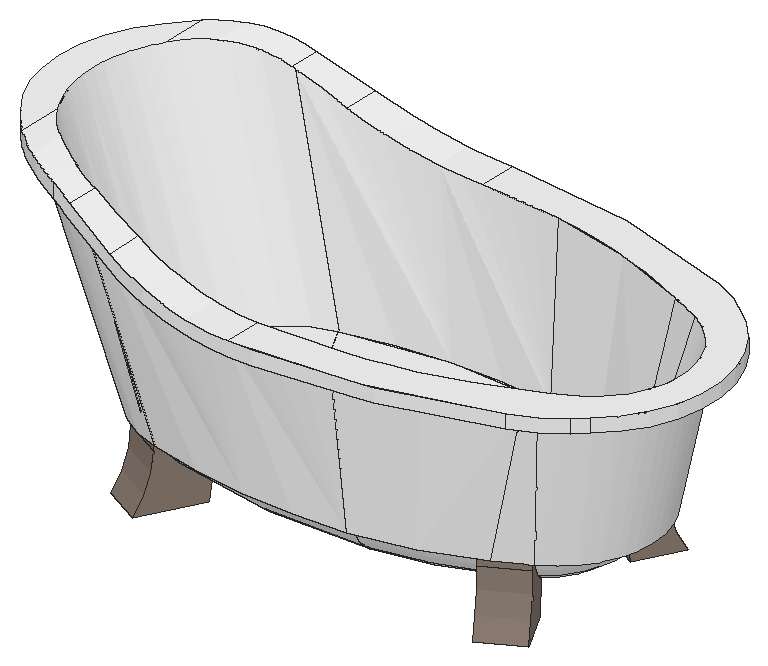
Revit family "xBathtub-Freestanding-DXV-Oak_Hill-D12025014.239", category Plumbing Fixtures, Revit 2014
Parameters (values of type "D12025014.239")
  Width = 36"
  Waste Connection Radius = 1 1/16"
  Waste Connection Diameter = Waste Connection Radius * 2  # 2 1/8"
  Waste Connection = yes
  Warranty Documentation Link = "https://www.dxv.com/-/media/files/dxv/warranty/dxv_warranty_booklet.ashx"
  WFU = 4
  Vent Connection = no
  URL = "http://www.dxv.com/"
  Product Page URL = "https://www.dxv.com/product/oak-hill-freestanding-soaking-tub-with-feet"
  Product Documentation Link = "https://dxv01.blob.core.windows.net/dxv-product-pdf-files/spec_D12025014_DXV_OakHill_freestand_tub_feet_EN.pdf"
  Price = "Prices may vary. Please consult Manufacturer Representative for most up-to-date price list."  # constant formula
  Model = "D12025014.239"
  Material = "Acrylic-DXV-415-Canvas White"
  Manufacturer = "DXV"
  Length = 66"
  Installation Type = "Freestanding"
  Height = 29 3/4"
  HWFU = 3
  HW Connection = yes
  Description = "Oak Hill Freestanding Soaking Tub With Feet"
  Default Elevation = 0"
  Creation Date = "12/28/2015"
  CWFU = 3
  CW Connection = yes
  Assembly Code = "D2010510"
Reference planes (in)
  plane 1 "Center (Front/Back)": y = 0
  plane 2: z = 0
  plane 3 "Center (Left/Right)": x = 0
  plane 4: z = 29.75
  plane 5: x = -33
  plane 6: x = 33
  plane 7: x = -29.75
  plane 8: x = 29.875
  plane 9: x = 16
  plane 10: x = -22
  plane 11: x = 24.4375
  plane 12: y = 9.78125
  plane 13: y = -9.78125
  plane 14: x = -21.25
  plane 15: x = 25.1875
  plane 16: y = 9.78125
  plane 17: y = -9.78125
  plane 18: y = 0
  plane 19: y = -13.5
  plane 20: y = 8.42494
  plane 21: y = -8.42494
  plane 22: x = -23.11933
  plane 23: x = 26.52271
  plane 24: z = 22.75
  plane 25: z = 20.125
  plane 26: y = -1.1875
  plane 27: y = 1.1875
  plane 28: z = 3
  plane 29: z = 6.5
  plane 30: y = 18
  plane 31: y = -18
Forms (in)
  Extrusion 1, void
    sketch origin (16, 0, 0) x (1, 0, 0) y (0, 1, 0)
      loop
        circle (0, 0) r 1.0625
    from -0.59685 to 9.77213
  Extrusion 2, void
    sketch origin (16.15685, 0, 0.00365) x (1, 0, 0) y (0, 1, 0)
      loop
        circle (-0.15685, 0) r 1.0625
    from -31.96802 to 24.98642
  Blend 3, void
    base sketch origin (0, 0, 0.00365) x (1, 0, 0) y (0, 1, 0)
      loop
        arc (-13.49575, 10.95051) -> (-22.02558, 0) -> (-13.49575, -10.95051) r 11.29399
        arc (-13.49575, -10.95051) -> (-3.42819, -12.54432) -> (6.76194, -12.3049) r 56.54746
        arc (6.76194, -12.3049) -> (12.62761, -11.08394) -> (18.17324, -8.81612) r 32.79183
        line (18.17324, -8.81612) -> (19.50719, -8.12221)
        arc (19.50719, -8.12221) -> (24.4375, 0) -> (19.50719, 8.12221) r 9.15543
        line (19.50719, 8.12221) -> (18.17324, 8.81612)
        arc (18.17324, 8.81612) -> (12.62761, 11.08394) -> (6.76194, 12.3049) r 32.79183
        arc (6.76194, 12.3049) -> (-3.42819, 12.54432) -> (-13.49575, 10.95051) r 56.54746
    top sketch origin (0, 0, 0.00365) x (1, 0, 0) y (0, 1, 0)
      loop
        arc (-19.85891, 12.69809) -> (-29.75, 0) -> (-19.85891, -12.69809) r 13.09639
        arc (-19.85891, -12.69809) -> (-6.93233, -14.74452) -> (6.15163, -14.43711) r 72.60602
        arc (6.15163, -14.43711) -> (14.87464, -12.76084) -> (23.24261, -9.78125) r 58.40947
        line (23.24261, -9.78125) -> (27.09351, -8.06992)
        arc (27.09351, -8.06992) -> (32.33817, 0) -> (27.09351, 8.06992) r 8.8309
        line (27.09351, 8.06992) -> (23.24261, 9.78125)
        arc (23.24261, 9.78125) -> (14.87464, 12.76084) -> (6.15163, 14.43711) r 58.40947
        arc (6.15163, 14.43711) -> (-6.93233, 14.74452) -> (-19.85891, 12.69809) r 72.60602
    from 6.70381 to 30.13756
  Blend 4, solid, material "Acrylic-DXV-415-Canvas White"
    base sketch origin (0.75, 0, 0.00365) x (1, 0, 0) y (0, 1, 0)
      loop
        arc (-14.32725, 12.2686) -> (-23.8838, 0) -> (-14.32725, -12.2686) r 12.65343
        arc (-14.32725, -12.2686) -> (-4.10948, -13.88619) -> (6.2327, -13.6432) r 57.39121
        arc (6.2327, -13.6432) -> (12.2493, -12.39082) -> (17.93762, -10.06465) r 33.63558
        line (17.93762, -10.06465) -> (21.02704, -8.45755)
        arc (21.02704, -8.45755) -> (26.16091, 0) -> (21.02704, 8.45755) r 9.53343
        line (21.02704, 8.45755) -> (17.93762, 10.06465)
        arc (17.93762, 10.06465) -> (12.2493, 12.39082) -> (6.2327, 13.6432) r 33.63558
        arc (6.2327, 13.6432) -> (-4.10948, 13.88619) -> (-14.32725, 12.2686) r 57.39121
    top sketch origin (0.75, 0, 0.00365) x (1, 0, 0) y (0, 1, 0)
      loop
        arc (-20.89692, 14.33427) -> (-32.0625, 0) -> (-20.89692, -14.33427) r 14.78389
        arc (-20.89692, -14.33427) -> (-7.6699, -16.42826) -> (5.71816, -16.1137) r 74.29352
        arc (5.71816, -16.1137) -> (14.69318, -14.38901) -> (23.3029, -11.32333) r 60.09697
        line (23.3029, -11.32333) -> (23.68904, -11.15174)
        arc (23.68904, -11.15174) -> (30.93657, 0) -> (23.68904, 11.15174) r 12.20332
        line (23.68904, 11.15174) -> (23.3029, 11.32333)
        arc (23.3029, 11.32333) -> (14.69318, 14.38901) -> (5.71816, 16.1137) r 60.09697
        arc (5.71816, 16.1137) -> (-7.6699, 16.42826) -> (-20.89692, 14.33427) r 74.29352
    from 6.49635 to 28.37135
  Extrusion 5, solid, material "Acrylic-DXV-415-Canvas White"
    sketch origin (0, 0, 0.00365) x (1, 0, 0) y (0, 0, 1)
      loop
        line (-33, 29.74635) -> (-33, 28.37135) -> (-27.68477, 28.37135)
        arc (-27.68477, 28.37135) -> (-23.78885, 27.94468) -> (-20.07764, 26.68489) r 18
        line (-20.07764, 26.68489) -> (-15.11227, 24.3695)
        arc (-15.11227, 24.3695) -> (-8.51455, 22.12988) -> (-1.58849, 21.37135) r 32
        line (-1.58849, 21.37135) -> (33, 21.37135) -> (33, 22.74635) -> (-1.58849, 22.74635)
        arc (-1.58849, 22.74635) -> (-8.21695, 23.47229) -> (-14.53117, 25.61568) r 30.625
        line (-14.53117, 25.61568) -> (-19.49654, 27.93107)
        arc (-19.49654, 27.93107) -> (-23.49125, 29.28709) -> (-27.68477, 29.74635) r 19.375
        line (-27.68477, 29.74635) -> (-33, 29.74635)
    from -20.52378 to 20.62754
  Extrusion 6, void
    sketch origin (0, 0, 0.00365) x (1, 0, 0) y (0, 1, 0)
      loop
        arc (-29.75, 9.03125) -> (-33, 0) -> (-29.75, -9.03125) r 14.17323
        line (-29.75, -9.03125) -> (-28.73847, -10.25468)
        arc (-28.73847, -10.25468) -> (-25.50118, -13.17562) -> (-21.56061, -15.0421) r 15
        arc (-21.56061, -15.0421) -> (0.81107, -17.97585) -> (22.91636, -13.45317) r 68.23289
        arc (22.91636, -13.45317) -> (25.22238, -12.32917) -> (27.30315, -10.82867) r 15
        line (27.30315, -10.82867) -> (28.50569, -9.79425)
        arc (28.50569, -9.79425) -> (33, 0) -> (28.50569, 9.79425) r 12.91925
        line (28.50569, 9.79425) -> (27.30315, 10.82867)
        arc (27.30315, 10.82867) -> (25.22238, 12.32917) -> (22.91636, 13.45317) r 15
        arc (22.91636, 13.45317) -> (0.81107, 17.97585) -> (-21.56061, 15.0421) r 68.23289
        arc (-21.56061, 15.0421) -> (-25.50118, 13.17562) -> (-28.73847, 10.25468) r 15
        line (-28.73847, 10.25468) -> (-29.75, 9.03125)
      loop
        line (-39.54137, 22.50847) -> (-39.54137, -23.49153) -> (36.45863, -23.49153) -> (36.45863, 22.50847) -> (-39.54137, 22.50847)
    from 0 to 38.08913
  Extrusion 7, void
    sketch origin (0, 0, 0.00365) x (1, 0, 0) y (0, 0, 1)
      loop
        line (33, 21.74635) -> (33, 35.74635) -> (-33, 35.74635) -> (-33, 28.74635) -> (-27.68477, 28.74635)
        arc (-27.68477, 28.74635) -> (-23.70769, 28.31079) -> (-19.91916, 27.02476) r 18.375
        line (-19.91916, 27.02476) -> (-14.95379, 24.70937)
        arc (-14.95379, 24.70937) -> (-8.43339, 22.49599) -> (-1.58849, 21.74635) r 31.625
        line (-1.58849, 21.74635) -> (33, 21.74635)
    from -22.50847 to 24.89963
  Sweep 8, solid, material "Acrylic-DXV-415-Canvas White"
    path origin (0, 0, 0.00365) x (1, 0, 0) y (0, 1, 0)
      loop
        arc (19.88219, -8.12221) -> (24.8125, 0) -> (19.88219, 8.12221) r 9.15543
        line (19.88219, 8.12221) -> (18.54824, 8.81612)
        arc (18.54824, 8.81612) -> (13.00261, 11.08394) -> (7.13694, 12.3049) r 32.79183
        arc (7.13694, 12.3049) -> (-3.05319, 12.54432) -> (-13.12075, 10.95051) r 56.54746
        arc (-13.12075, 10.95051) -> (-21.65058, 0) -> (-13.12075, -10.95051) r 11.29399
        arc (-13.12075, -10.95051) -> (-3.05319, -12.54432) -> (7.13694, -12.3049) r 56.54746
        arc (7.13694, -12.3049) -> (13.00261, -11.08394) -> (18.54824, -8.81612) r 32.79183
        line (18.54824, -8.81612) -> (19.88219, -8.12221)
    profile origin (24.8125, 0, 0.00365) x (-1, 0, 0) y (0, 0, 1)
      loop
        line (4.47069, 2.99635) -> (4.47069, 6.49635) -> (-0.77931, 6.49635)
        arc (-0.77931, 6.49635) -> (-0.00984, 5.26052) -> (0.99252, 4.20475) r 7.1995
        arc (0.99252, 4.20475) -> (2.51383, 3.30818) -> (4.25194, 2.99635) r 5
        line (4.25194, 2.99635) -> (4.47069, 2.99635)
  Extrusion 9, solid, material "Acrylic-DXV-Weathered Oak Finish"
    sketch origin (-7.23876, -24.64439, 0) x (0.470465, -0.882419, 0) y (0, 0, -1)
      loop
        line (-35.38356, -6.5) -> (-29.79272, -6.5) -> (-30.59082, 0) -> (-37.10359, 0)
        arc (-37.10359, 0) -> (-35.82294, -2.72272) -> (-35.38356, -5.69933) r 10.30237
        line (-35.38356, -5.69933) -> (-35.38356, -6.5)
    from 6.60652 to 11.10652
  Extrusion 10, solid, material "Acrylic-DXV-415-Canvas White"
    sketch origin (0, 0, 0) x (1, 0, 0) y (0, 1, 0)
      loop
        arc (-12.02656, -6.61579) -> (-2.75495, -8.08359) -> (6.62953, -7.8631) r 52.07677
        arc (6.62953, -7.8631) -> (11.69551, -6.8086) -> (16.48507, -4.84996) r 28.32114
        line (16.48507, -4.84996) -> (17.81902, -4.15605)
        arc (17.81902, -4.15605) -> (20.34181, 0) -> (17.81902, 4.15605) r 4.68474
        line (17.81902, 4.15605) -> (16.48507, 4.84996)
        arc (16.48507, 4.84996) -> (11.69551, 6.8086) -> (6.62953, 7.8631) r 28.32114
        arc (6.62953, 7.8631) -> (-2.75495, 8.08359) -> (-12.02656, 6.61579) r 52.07677
        arc (-12.02656, 6.61579) -> (-17.17989, 0) -> (-12.02656, -6.61579) r 6.82331
    from 3 to 6.5
  Extrusion 11, void
    sketch origin (0, 0, 0) x (0, 1, 0) y (0, 0, 1)
      loop
        arc (-0.99634, 20.31616) -> (-1.1875, 20.125) -> (-0.99634, 19.93384) r 0.19116
        line (-0.99634, 19.93384) -> (0.99634, 19.93384)
        arc (0.99634, 19.93384) -> (1.1875, 20.125) -> (0.99634, 20.31616) r 0.19116
        line (0.99634, 20.31616) -> (-0.99634, 20.31616)
      loop
        circle (-1.49634, 20.125) r 0.125
      loop
        circle (1.49634, 20.125) r 0.125
    from 16.46923 to 29.26246
  Extrusion 12, solid, material "Acrylic-DXV-Weathered Oak Finish"
    sketch origin (12.14984, -24.64439, 0) x (-0.470465, -0.882419, 0) y (0, 0, 1)
      loop
        line (-33.61339, 6.5) -> (-33.61339, 5.85173)
        arc (-33.61339, 5.85173) -> (-34.07975, 2.78714) -> (-35.43661, 0) r 10.30237
        line (-35.43661, 0) -> (-30.59082, 0) -> (-29.79272, 6.5) -> (-33.61339, 6.5)
    from 7.23518 to 11.73518
  Extrusion 13, solid, material "Acrylic-DXV-Weathered Oak Finish"
    sketch origin (-7.23876, 24.64439, 0) x (0.470465, 0.882419, 0) y (0, 0, 1)
      loop
        line (-35.38356, 6.5) -> (-35.38356, 5.69933)
        arc (-35.38356, 5.69933) -> (-35.82294, 2.72272) -> (-37.10359, 0) r 10.30237
        line (-37.10359, 0) -> (-30.59082, 0) -> (-29.79272, 6.5) -> (-35.38356, 6.5)
    from 6.60652 to 11.10652
  Extrusion 14, solid, material "Acrylic-DXV-Weathered Oak Finish"
    sketch origin (12.14984, 24.64439, 0) x (-0.470465, 0.882419, 0) y (0, 0, -1)
      loop
        line (-33.61339, -6.5) -> (-29.79272, -6.5) -> (-30.59082, 0) -> (-35.43661, 0)
        arc (-35.43661, 0) -> (-34.07975, -2.78714) -> (-33.61339, -5.85173) r 10.30237
        line (-33.61339, -5.85173) -> (-33.61339, -6.5)
    from 7.23518 to 11.73518
Cuts and joins
  Extrusion 2, Blend 3, Extrusion 7, Extrusion 11 cuts Blend 4
  Blend 3, Extrusion 6, Extrusion 11 cuts Extrusion 5
  Extrusion 11 cuts Sweep 8
  Extrusion 1, Extrusion 11 cuts Extrusion 10
  joined: Blend 4, Extrusion 5, Sweep 8, Extrusion 10
  Blend 3 cuts Extrusion 13
  joined: Extrusion 9, Extrusion 12, Extrusion 13, Extrusion 14
Lines and regions (in)
  Masking region 1
    outline origin (0, 0, 0) x (1, 0, 0) y (0, 1, 0)
      loop
        line (-28.73847, 10.25468) -> (-29.75, 9.03125)
        arc (-29.75, 9.03125) -> (-33, 0) -> (-29.75, -9.03125) r 14.17323
        line (-29.75, -9.03125) -> (-28.73847, -10.25468)
        arc (-28.73847, -10.25468) -> (-25.50118, -13.17562) -> (-21.56061, -15.0421) r 15
        arc (-21.56061, -15.0421) -> (0.81107, -17.97585) -> (22.91636, -13.45317) r 68.23289
        arc (22.91636, -13.45317) -> (25.22238, -12.32917) -> (27.30315, -10.82867) r 15
        line (27.30315, -10.82867) -> (28.50569, -9.79425)
        arc (28.50569, -9.79425) -> (33, 0) -> (28.50569, 9.79425) r 12.91925
        line (28.50569, 9.79425) -> (27.30315, 10.82867)
        arc (27.30315, 10.82867) -> (25.22238, 12.32917) -> (22.91636, 13.45317) r 15
        arc (22.91636, 13.45317) -> (0.81107, 17.97585) -> (-21.56061, 15.0421) r 68.23289
        arc (-21.56061, 15.0421) -> (-25.50118, 13.17562) -> (-28.73847, 10.25468) r 15
  symbolic lines, detail levels medium+fine
    curve 1: circle (16, 0, 0) r 1.0625 normal (0, 0, 1)
    curve 10: arc (23.25554, 9.81758, 0) -> (1.50644, 14.69386, 0) -> (-20.61106, 11.93391, 0) r 64.98289
    curve 11: arc (-20.61106, -11.93391, 0) -> (1.50644, -14.69386, 0) -> (23.25554, -9.81758, 0) r 64.98289
    curve 12: arc (23.25554, -9.81758, 0) -> (29.81394, 0, 0) -> (23.25554, 9.81758, 0) r 10.6274
  symbolic lines, detail levels fine
    curve 2: arc (18.17324, 8.81612, 0) -> (12.62761, 11.08394, 0) -> (6.76194, 12.3049, 0) r 32.79183
    curve 3: arc (6.76194, 12.3049, 0) -> (-3.42819, 12.54432, 0) -> (-13.49575, 10.95051, 0) r 56.54746
    curve 4: arc (-13.49575, -10.95051, 0) -> (-3.42819, -12.54432, 0) -> (6.76194, -12.3049, 0) r 56.54746
    curve 5: arc (6.76194, -12.3049, 0) -> (12.62761, -11.08394, 0) -> (18.17324, -8.81612, 0) r 32.79183
    curve 6: arc (19.50719, -8.12221, 0) -> (24.4375, 0, 0) -> (19.50719, 8.12221, 0) r 9.15543
    curve 7: line (19.50719, 8.12221, 0) -> (18.17324, 8.81612, 0)
    curve 8: line (18.17324, -8.81612, 0) -> (19.50719, -8.12221, 0)
    curve 9: arc (-13.49575, 10.95051, 0) -> (-22.02558, 0, 0) -> (-13.49575, -10.95051, 0) r 11.29399
    curve 13: arc (-20.61106, 11.93391, 0) -> (-29.44363, 0, 0) -> (-20.61106, -11.93391, 0) r 12.47839
Dimensions and locks (in)
  plane 4 to plane 2 = 29 3/4"
  plane 5 to plane 6 = 66"  (x2)
  locked: plane 7 to plane 8 at 59.625
  level to plane 28 = 3"
  level to plane 29 = 6 1/2"
  level to plane 24 = 22 3/4"
  level to plane 4 = 29 3/4"
  plane 7 to plane 8 = 59 5/8"
Connectors (in)
  piping at (16, 0, 3), diameter 2.125, driven by "Waste Connection Radius", driven by "WFU"
    settings: on cut or joined group of Extrusion 1, Extrusion 2, Blend 3, Blend 4, Extrusion 5, Extrusion 6, Extrusion 7, Sweep 8, Extrusion 10, Extrusion 11, index 1, connector inside diameter 2 1/8", connector length 0", flow factor 0, pipe flow 0 GPM, pressure drop 0.00 psi, fitting loss kfactor 0, connector angle 0.00°, fixture units 4, engagement length 0", angle of deflection 0.00°, flow configuration 3, flow direction 2, fitting loss method 0, system type 16, joint type 0, gender type 0, connector reference index -1, connector utility 0, adjustable connector no, is connector primary yes, connector description "2-1/8\" Outlet Connection"
